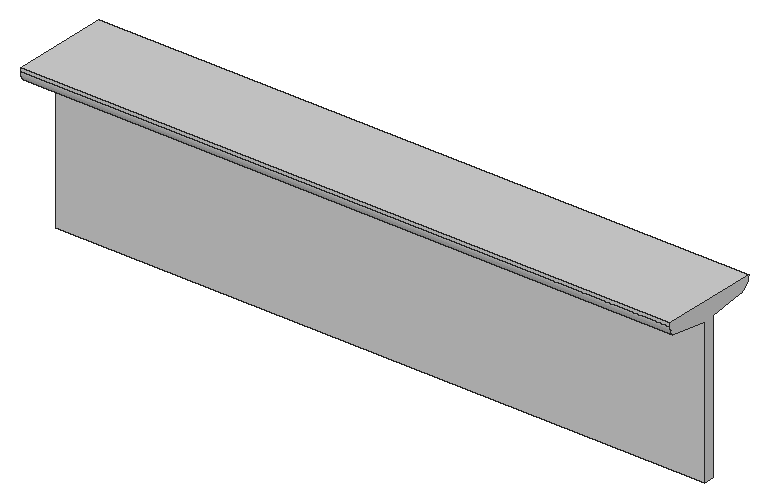
Revit family "5b633cc267664c1a892ba455f65d8444", category Structural Framing, Revit 2021
Family settings
  Structural Framing Length Roundoff = 0' - 0"
  Section Shape = Not Defined
  Material for Model Behavior = Steel
  Always export as geometry = No
  OmniClass Number = 23.25.30.11.14.14
  OmniClass Title = Beams
  Seek Item ID = ST-Structural Tee-0000-USA-ENU
  Always vertical = Yes
  Cut with Voids When Loaded = No
  Symbolic Representation = From Project Settings
  Shared = No
  Show family pre-cut in plan views = Yes
Parameters (values of type "ST12X50")
  W = 50
  Structural Material [instance] = Steel ASTM A36
  Assembly Code = "B10"
  Length [instance] = 5' - 0"
  bf = 0' - 7 1/4"
  d = 1' - 0"
  k = 0' - 1 3/4"
  tf = 0' - 0 223/256"
  tw = 0' - 0 191/256"
  A = 14.70 in²
Types (2): name | W | bf | d | k | tf | tw | A
  ST9X35 | 35 | 0' - 6 1/4" | 0' - 9" | 0' - 1 1/2" | 0' - 0 177/256" | 0' - 0 91/128" | 10.30 in²
  ST12X50 | 50 | 0' - 7 1/4" | 1' - 0" | 0' - 1 3/4" | 0' - 0 223/256" | 0' - 0 191/256" | 14.70 in²
Reference planes (in)
  plane 1 "Center (Front/Back)": y = 0
  plane 2: z = 0
  plane 3 "Center (Left/Right)": x = 0.1815
  plane 4 "Member Left": x = -23.8185
  plane 5 "Member Right": x = 24.1815
  plane 6: y = 3.625
  plane 7: y = -3.625
  plane 8 "Top": z = 6
  plane 9: z = -6
  plane 10 "Left": x = -29.8185
  plane 11 "Right": x = 30.1815
Forms (in)
  Sweep 1, solid, material "Steel ASTM A36" <- "Structural Material", detail levels fine
    path origin (0, 0, 0) x (1, 0, 0) y (0, 1, 0)
      loop
        line (24.1815, 0) -> (-23.8185, 0)
    profile "ST Structural Tee-Profile-Fine : ST Structural Tee-Profile-Fine" origin (0.1815, 0, 0) x (0, -1, 0) y (0, 0, 1)
      loop
        line (-3.625, 6) -> (-3.625, 5.94528)
        arc (-3.625, 5.94528) -> (-3.40075, 5.36185) -> (-2.84347, 5.0788) r 0.87109
        line (-2.84347, 5.0788) -> (-0.37305, 4.68753) -> (-0.37305, -6) -> (0.37305, -6) -> (0.37305, 4.61385) -> (3.30866, 5.0788)
        arc (3.30866, 5.0788) -> (3.54196, 5.37922) -> (3.625, 5.75041) r 0.87109
        line (3.625, 5.75041) -> (3.625, 6) -> (-3.625, 6)
  Sweep 2, solid, material "Steel ASTM A36" <- "Structural Material", detail levels medium
    path origin (0, 0, 0) x (1, 0, 0) y (0, 1, 0)
      loop
        line (24.1815, 0) -> (-23.8185, 0)
    profile "ST Structural Tee-Profile-Medium : ST Structural Tee-Profile-Medium" origin (0.1815, 0, 0) x (0, -1, 0) y (0, 0, 1)
      loop
        line (-3.625, 6) -> (-3.625, 5.12891) -> (-0.37305, 4.61385) -> (-0.37305, -6) -> (0.37305, -6) -> (0.37305, 4.61385) -> (3.625, 5.12891) -> (3.625, 6) -> (-3.625, 6)
Lines and regions (in)
  symbolic lines, style "Hidden Faces", detail levels medium+fine
    curve 1: line (24.1815, -0.37305, 0) -> (-23.8185, -0.37305, 0)
    curve 2: line (24.1815, 0.37305, 0) -> (-23.8185, 0.37305, 0)
  symbolic lines, style "Stick Symbols", detail levels coarse
    curve 3: line (0.1815, 3.625, 6) -> (0.1815, -3.625, 6)
    curve 4: line (0.1815, 0, 6) -> (0.1815, 0, -6)
Dimensions and locks (in)
  "bf": plane 6 to plane 7
  "d": plane 9 to plane 8 "Top"
  equal spacing: plane 9, plane 2, plane 8 "Top"
  equal spacing: plane 6, plane 1 "Center (Front/Back)", plane 7
  "Length": plane 10 "Left" to plane 11 "Right"
  equal spacing: curve 2, plane 1 "Center (Front/Back)", curve 1
  "tw": curve 2 to curve 1
  aligned and locked: Sweep 1 sketch curve to plane 1 "Center (Front/Back)"
  aligned and locked: Sweep 2 sketch curve to plane 1 "Center (Front/Back)"
  aligned and locked: Sweep 2 to curve 3  (x2)
  aligned and locked: curve 4 to Sweep 1
  aligned and locked: curve 3 to Sweep 2
  aligned and locked: plane 4 "Member Left" to Sweep 2 sketch curve
  aligned and locked: plane 5 "Member Right" to Sweep 2 sketch curve
  aligned and locked: plane 4 "Member Left" to Sweep 1 sketch curve
  aligned and locked: plane 5 "Member Right" to Sweep 1 sketch curve
  aligned and locked: plane 4 "Member Left" to curve 2
  aligned and locked: plane 4 "Member Left" to curve 1
  aligned and locked: plane 5 "Member Right" to curve 1
  aligned and locked: plane 5 "Member Right" to curve 2
Automatic sketch dimensions
  curve 4 to plane 1 "Center (Front/Back)" = 0' - 0"
